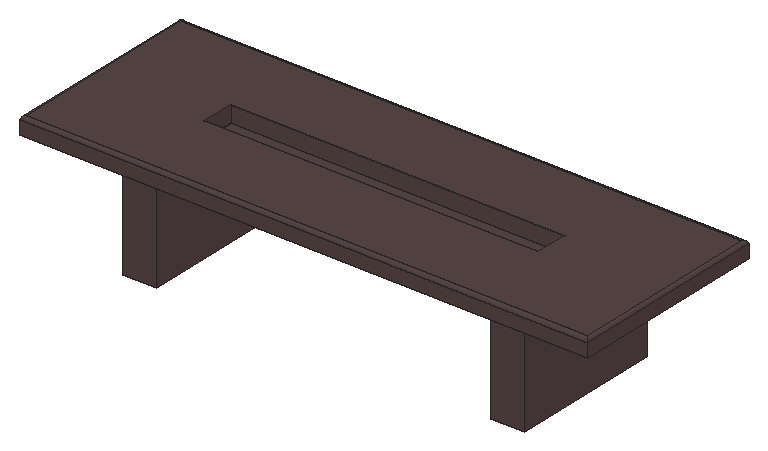
Revit family
Parameters (values of type "ZRL034 3400*1200*740")
  후판두께 = 20 mm
  폭 = 3400 mm
  측판두께 = 20 mm
  상판두께 = 100 mm
  밑판두께 = 200 mm
  다리간격 = 700 mm
  높이 = 740 mm
  깊이 = 1200 mm
  Assembly Code = ""
Reference planes
  plane 1 "Center (Front/Back)": y = 0
  plane 2: z = 0
  plane 3 "Center (Left/Right)": x = 0
  plane 4 "left": x = -1700
  plane 5 "right": x = 1700
  plane 6 "back": y = 600
  plane 7 "front": y = -600
  plane 8 "Top": z = 740
  plane 9: x = -1000
  plane 10: x = 1000
Forms (mm)
  Extrusion 1, solid, material "소파테이블"
    sketch origin (0, 0, 0) x (1, 0, 0) y (0, 1, 0)
      loop
        line (-1700, 600) -> (-1700, -600) -> (1700, -600) -> (1700, 600) -> (-1700, 600)
      loop
        line (-1000, 100) -> (-1000, -100) -> (1000, -100) -> (1000, 100) -> (-1000, 100)
    from 640 to 740
  Extrusion 2, solid, material "소파테이블"
    sketch origin (0, 0, 0) x (1, 0, 0) y (0, 1, 0)
      loop
        line (-1000, 100) -> (-1000, -100) -> (1000, -100) -> (1000, 100) -> (-1000, 100)
    from 440 to 640
  Extrusion 3, solid, material "소파테이블"
    sketch origin (0, 0, 0) x (1, 0, 0) y (0, 1, 0)
      loop
        line (-1200, 460) -> (-1200, -455.201) -> (-1000, -455.201) -> (-1000, 460) -> (-1200, 460)
      loop
        line (1000, 463.647) -> (1000, -451.782) -> (1200, -451.782) -> (1200, 463.647) -> (1000, 463.647)
    from 0 to 640
  Sweep 4, void
    path origin (0, 0, 740) x (-1, 0, 0) y (0, -1, 0)
      loop
        line (1700, -600) -> (1700, 600) -> (-1700, 600) -> (-1700, -600) -> (1700, -600)
    profile origin (0, 600, 740) x (0, 1, 0) y (0, 0, 1)
      loop
        line (0, 0) -> (-20, 0)
        arc (-20, 0) -> (-5.858, -5.858) -> (0, -20) r 20
        line (0, -20) -> (0, 0)
Cuts and joins
  Sweep 4 cuts Extrusion 1
Dimensions and locks
  "폭": plane 4 "left" to plane 5 "right"
  equal spacing: plane 4 "left", plane 3 "Center (Left/Right)", plane 5 "right"
  "깊이": plane 6 "back" to plane 7 "front"
  equal spacing: plane 6 "back", plane 1 "Center (Front/Back)", plane 7 "front"
  "높이": plane 8 "Top" to level
  "다리간격": plane 4 "left" to plane 9
  "다리간격": plane 10 to plane 5 "right"
  "상판두께": plane 8 "Top" to Extrusion 1
  "밑판두께": Extrusion 1 to Extrusion 2
  "밑판두께": Extrusion 3 sketch curve to Extrusion 3 sketch curve  (x2)
  "밑판두께": Extrusion 2 to Extrusion 2
  equal spacing: Extrusion 2, plane 1 "Center (Front/Back)", Extrusion 2
  aligned and locked: plane 4 "left" to Extrusion 1 sketch curve
  aligned and locked: Extrusion 1 sketch curve to plane 6 "back"
  aligned and locked: Extrusion 1 sketch curve to plane 7 "front"
  aligned and locked: Extrusion 1 sketch curve to plane 5 "right"
  aligned and locked: Extrusion 1 to plane 8 "Top"
  aligned and locked: plane 9 to Extrusion 2 sketch curve
  aligned and locked: Extrusion 2 sketch curve to plane 10
  aligned and locked: Extrusion 2 to Extrusion 1
  aligned and locked: Extrusion 3 sketch curve to plane 9
  aligned and locked: Extrusion 3 sketch curve to plane 10
  aligned and locked: Extrusion 3 to Extrusion 1
  aligned and locked: Sweep 4 sketch curve to Extrusion 1  (x3)
  aligned and locked: Extrusion 1 to Sweep 4 sketch curve
  aligned and locked: plane 9 to Extrusion 1 sketch curve
  aligned and locked: Extrusion 1 sketch curve to plane 10
  aligned and locked: Extrusion 1 sketch curve to Extrusion 2  (x2)
Automatic sketch dimensions
  plane 1 "Center (Front/Back)" to Extrusion 2 sketch curve = 100 mm
  Extrusion 2 sketch curve to plane 1 "Center (Front/Back)" = 100 mm
  plane 7 "front" to Extrusion 3 sketch curve = 148.218 mm
  plane 7 "front" to Extrusion 3 sketch curve = 144.799 mm
  Extrusion 3 sketch curve to plane 6 "back" = 136.353 mm
  Extrusion 3 sketch curve to plane 6 "back" = 140 mm
  Sweep 4 sketch curve to plane 8 "Top" = 0 mm
  Sweep 4 sketch curve to profile plane = 0 mm
  Sweep 4 sketch curve to Sweep 4 sketch curve = 20 mm
